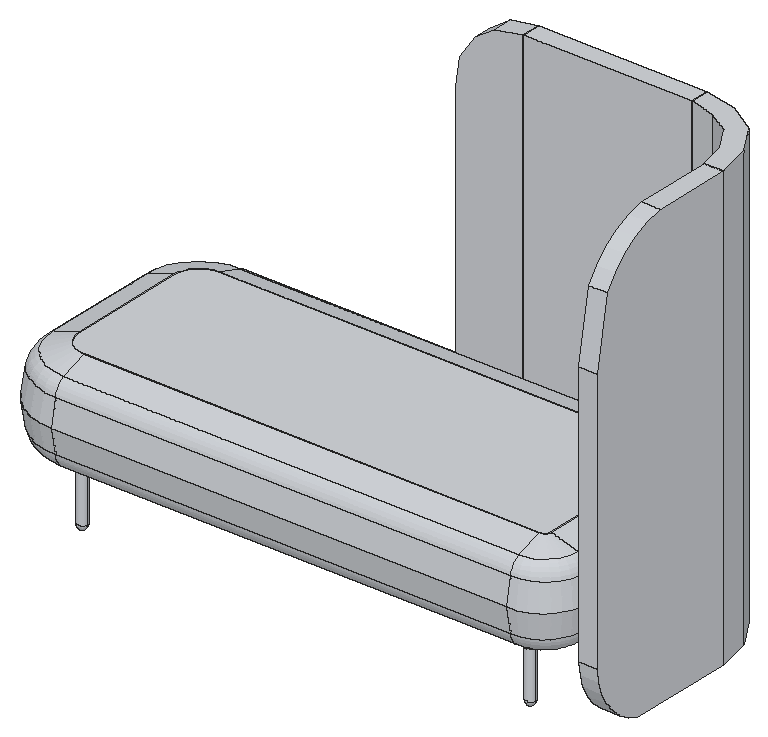
Revit family "Bernhardt-Design_Seating_ChapelleL_2-Seat_Right-Facing_Half-Wall", category Furniture, Revit 2013
Parameters (values of type "2 Seat Right Facing Half Wall")
  Model = "Chapelle"
  Mid Wall = 4' - 1.80644"
  Length = 5' - 5 3/4"
  Description = "Seating"
  Width = 2' - 4 1/4"
  URL = "http://bernhardtdesign.com/"
  Product Page URL = "http://www.bernhardtdesign.com/products/chapelle/index.html"
  Product Name = "Chapelle"
  Product Documentation Link = "http://www.bernhardtdesign.com/pdf/pricelists/sofas/Chapelle_PL.pdf"
  Manufacturer = "Bernhardt "  # constant formula
  Level Certification = ""
  Height = 3' - 11 3/8"
  GreenGuard Certification = ""
  Bernhardt Fabric = none
  Back Half Wall Measure = 1' - 5.7797"
  Back Half Wall = 1' - 5.7797"
Reference planes (in)
  plane 1 "Center (Front/Back)": y = 0
  plane 2 "Bottom": z = 0
  plane 3 "Center (Left/Right)": x = 0
  plane 4: x = -24.90322
  plane 5: x = 24.90322
  plane 6 "Total Height": z = 47.375
  plane 7 "Seat Height": z = 16.87819
  plane 8 "Base": z = 0.76323
  plane 9: y = -1.50846
  plane 10: y = -18.00846
  plane 11 "seat front edge": y = -20.50934
  plane 12: x = 7.12352
Forms (in)
  Extrusion 1, solid
    sketch origin (0, 0, 0) x (1, 0, 0) y (0, 1, 0)
      loop
        line (7.12352, 8.08149) -> (7.12352, 6.08149) -> (24.90322, 6.08149) -> (24.90322, 8.08149) -> (7.12352, 8.08149)
    from 0.76323 to 47.375
  Extrusion 2, solid
    sketch origin (0, 0, 0) x (1, 0, 0) y (0, 1, 0)
      loop
        line (24.90322, 8.08149) -> (24.90322, 6.03681) -> (27.54834, 5.47458) -> (30.03641, 3.8588) -> (31.64539, 1.38119) -> (32.2596, -1.50846) -> (34.30429, -1.50846) -> (33.52462, 2.15959) -> (31.48222, 5.30461) -> (28.32674, 7.3538) -> (24.90322, 8.08149)
    from 0.76323 to 47.375
  Extrusion 3, solid
    sketch origin (0, 0, 0) x (1, 0, 0) y (0, 1, 0)
      loop
        line (34.30429, -1.50846) -> (32.30429, -1.50846) -> (32.30429, -18.00846) -> (34.30429, -18.00846) -> (34.30429, -1.50846)
    from 0.76323 to 47.375
  Extrusion 4, void
    sketch origin (0, 0, 0) x (0, 1, 0) y (0, 0, 1)
      loop
        line (-9.75846, 47.375) -> (-9.75846, 53.875) -> (-24.50846, 53.875) -> (-18.00846, 29.97832)
        arc (-18.00846, 29.97832) -> (-17.92454, 36.30552) -> (-16.7009, 42.51385) r 34.94218
        arc (-16.7009, 42.51385) -> (-13.79438, 45.75091) -> (-9.75846, 47.375) r 9.61187
      loop
        line (-18.00846, 7.50157) -> (-23.08796, -4.465) -> (-12.78184, 0.76323)
        arc (-12.78184, 0.76323) -> (-16.52625, 3.25506) -> (-18.00846, 7.50157) r 7.06609
    from 0 to 44.91622
  Extrusion 5, solid
    sketch origin (0, 0, 0) x (1, 0, 0) y (0, 0, 1)
      loop
        line (7.12352, 47.375) -> (4.1691, 46.85406) -> (2.12122, 45.42011) -> (0.40049, 42.96266) -> (0, 39.91992) -> (0, 7.42903) -> (0.56436, 4.22841) -> (1.9983, 2.18053) -> (4.30063, 0.76323) -> (7.12352, 0.76323) -> (7.12352, 47.375)
    from -8.08149 to -6.08149
Cuts and joins
  Extrusion 4 cuts Extrusion 3
Lines and regions (in)
  symbolic lines
    curve 1: line (-21.30391, 5.8613, 0) -> (31.69609, 5.8613, 0)
    curve 2: line (0, 6.08149, 0) -> (7.12352, 6.08149, 0)
    curve 3: line (0, 8.08149, 0) -> (0, 6.08149, 0)
    curve 4: line (7.12352, 8.08149, 0) -> (0, 8.08149, 0)
    curve 5: line (7.12352, 6.08149, 0) -> (24.69301, 6.08149, 0)
    curve 6: line (24.90322, 8.08149, 0) -> (7.12352, 8.08149, 0)
    curve 7: line (24.69301, 6.08149, 0) -> (27.54834, 5.47458, 0)
    curve 8: line (28.32674, 7.3538, 0) -> (24.90322, 8.08149, 0)
    curve 9: line (31.48222, 5.30461, 0) -> (28.32674, 7.3538, 0)
    curve 10: line (27.54834, 5.47458, 0) -> (30.03641, 3.8588, 0)
    curve 11: line (30.03641, 3.8588, 0) -> (31.64539, 1.38119, 0)
    curve 12: line (33.52462, 2.15959, 0) -> (31.48222, 5.30461, 0)
    curve 13: line (34.30429, -1.50846, 0) -> (33.52462, 2.15959, 0)
    curve 14: line (31.64539, 1.38119, 0) -> (32.30429, -1.71867, 0)
    curve 15: line (32.30429, -1.71867, 0) -> (32.30429, -18.00846, 0)
    curve 16: line (34.30429, -18.00846, 0) -> (34.30429, -1.50846, 0)
    curve 17: line (32.30429, -18.00846, 0) -> (34.30429, -18.00846, 0)
    curve 18: arc (26.69609, -20.54173, 0) -> (30.23162, -19.07726, 0) -> (31.69609, -15.54173, 0) r 5
    curve 19: arc (31.69609, -1.1387, 0) -> (29.64583, 3.81105, 0) -> (24.69609, 5.8613, 0) r 7
    curve 20: arc (-21.30391, 5.8613, 0) -> (-26.25366, 3.81105, 0) -> (-28.30391, -1.1387, 0) r 7
    curve 21: arc (-28.30391, -13.54173, 0) -> (-26.25366, -18.49148, 0) -> (-21.30391, -20.54173, 0) r 7
    curve 22: line (-28.30391, -1.1387, 0) -> (-28.30391, -13.54173, 0)
    curve 23: line (-21.30391, -20.54173, 0) -> (26.69609, -20.54173, 0)
    curve 24: line (31.69609, -15.54173, 0) -> (31.69609, -1.1387, 0)
Dimensions and locks (in)
  "Height": plane 6 "Total Height" to level
  Extrusion 3 to plane 1 "Center (Front/Back)" = 0' - 1.50846"
  "Back Half Wall": plane 12 to plane 5
  locked: plane 3 "Center (Left/Right)" to nested 1 at 31.69609
  aligned and locked: plane 2 "Bottom" to level
  aligned and locked: Extrusion 1 sketch curve to plane 5
  aligned and locked: Extrusion 1 to plane 8 "Base"
  aligned and locked: plane 6 "Total Height" to Extrusion 1
  aligned and locked: plane 6 "Total Height" to Extrusion 2
  aligned and locked: Extrusion 2 to plane 8 "Base"
  aligned and locked: Extrusion 1 to Extrusion 3
  aligned and locked: Extrusion 3 to plane 8 "Base"
  aligned and locked: plane 6 "Total Height" to Extrusion 3
  aligned and locked: Extrusion 2 to Extrusion 1  (x2)
  aligned and locked: Extrusion 3 to Extrusion 2
  aligned and locked: Extrusion 5 sketch curve to plane 12
  aligned and locked: Extrusion 1 to Extrusion 5
  aligned and locked: Extrusion 5 to Extrusion 1
Automatic sketch dimensions
  Extrusion 2 sketch curve to plane 5 = 0' - 0"
  Extrusion 2 sketch curve to plane 1 "Center (Front/Back)" = 0' - 1.38119"
  plane 5 to Extrusion 2 sketch curve = 0' - 2.64512"
  Extrusion 2 sketch curve to Extrusion 2 sketch curve = 0' - 0.7784"
  Extrusion 2 sketch curve to Extrusion 2 sketch curve = 0' - 2.48808"
  Extrusion 2 sketch curve to Extrusion 2 sketch curve = 0' - 1.44581"  (x2)
  Extrusion 2 sketch curve to Extrusion 2 sketch curve = 0' - 1.60898"
  Extrusion 2 sketch curve to plane 1 "Center (Front/Back)" = 0' - 2.15959"
  Extrusion 2 sketch curve to Extrusion 2 sketch curve = 0' - 1.87923"  (x2)
  Extrusion 2 sketch curve to Extrusion 2 sketch curve = 0' - 0.61421"
  Extrusion 2 sketch curve to Extrusion 2 sketch curve = 0' - 2.04468"  (x2)
  plane 1 "Center (Front/Back)" to Extrusion 2 sketch curve = 0' - 1.50846"
  Extrusion 2 sketch curve to Extrusion 2 sketch curve = 0' - 2.47761"
  Extrusion 2 sketch curve to Extrusion 2 sketch curve = 0' - 1.61577"
  Extrusion 2 sketch curve to Extrusion 2 sketch curve = 0' - 0.72769"
  plane 5 to Extrusion 3 sketch curve = 0' - 7.40106"
  plane 1 "Center (Front/Back)" to Extrusion 3 sketch curve = 1' - 6.00846"
  Extrusion 3 sketch curve to Extrusion 3 sketch curve = 0' - 2"
  plane 1 "Center (Front/Back)" to Extrusion 3 sketch curve = 0' - 1.50846"
  Extrusion 4 sketch curve to plane 8 "Base" = 0' - 0"
  Extrusion 4 sketch curve to plane 6 "Total Height" = 0' - 0"
  plane 6 "Total Height" to Extrusion 4 sketch curve = 0' - 6 1/2"
  plane 1 "Center (Front/Back)" to Extrusion 4 sketch curve = 2' - 0.50846"
  Extrusion 4 sketch curve to level = 0' - 4.465"
  plane 1 "Center (Front/Back)" to Extrusion 4 sketch curve = 1' - 11.08796"
  plane 7 "Seat Height" to Extrusion 4 sketch curve = 1' - 1.10012"
  plane 1 "Center (Front/Back)" to Extrusion 4 sketch curve = 1' - 6.00846"
  plane 8 "Base" to Extrusion 4 sketch curve = 0' - 6.73834"
  Extrusion 4 sketch curve to Extrusion 4 sketch curve = 0' - 5.0795"
  Extrusion 4 sketch curve to Extrusion 4 sketch curve = 0' - 5.22662"
  plane 1 "Center (Front/Back)" to Extrusion 4 sketch curve = 0' - 9.75846"
  Extrusion 4 sketch curve to plane 6 "Total Height" = 0' - 4.86115"
  Extrusion 4 sketch curve to Extrusion 4 sketch curve = 0' - 6.94244"
  plane 8 "Base" to Extrusion 4 sketch curve = 0' - 6.8226"
  plane 1 "Center (Front/Back)" to Extrusion 4 sketch curve = 0' - 8 9/32"
  Extrusion 4 sketch curve to plane 6 "Total Height" = 1' - 2.69456"
  Extrusion 1 sketch curve to plane 1 "Center (Front/Back)" = 0' - 6.08149"
  Extrusion 1 sketch curve to Extrusion 1 sketch curve = 0' - 2"
  Extrusion 1 sketch curve to plane 12 = 0' - 0"
  Extrusion 5 sketch curve to plane 3 "Center (Left/Right)" = 0' - 0"
  Extrusion 5 sketch curve to plane 8 "Base" = 0' - 0"
  Extrusion 5 sketch curve to plane 6 "Total Height" = 0' - 0"
  plane 8 "Base" to Extrusion 5 sketch curve = 0' - 1.4173"
  plane 3 "Center (Left/Right)" to Extrusion 5 sketch curve = 0' - 0.40049"
  plane 3 "Center (Left/Right)" to Extrusion 5 sketch curve = 0' - 0.56436"
  plane 3 "Center (Left/Right)" to Extrusion 5 sketch curve = 0' - 1.9983"
  plane 3 "Center (Left/Right)" to Extrusion 5 sketch curve = 0' - 2.12122"
  Extrusion 5 sketch curve to plane 6 "Total Height" = 0' - 0.52094"
  Extrusion 5 sketch curve to Extrusion 5 sketch curve = 0' - 2.04788"  (x2)
  Extrusion 5 sketch curve to Extrusion 5 sketch curve = 0' - 2.30234"
  Extrusion 5 sketch curve to Extrusion 5 sketch curve = 0' - 3.20063"
  Extrusion 5 sketch curve to plane 6 "Total Height" = 0' - 7.45508"
  Extrusion 5 sketch curve to Extrusion 5 sketch curve = 0' - 3.04274"
  Extrusion 5 sketch curve to plane 6 "Total Height" = 0' - 1.95489"
  curve 3 to plane 3 "Center (Left/Right)" = 0' - 0"
  curve 4 to plane 12 = 0' - 0"
  curve 5 to plane 12 = 0' - 0"
  curve 6 to plane 5 = 0' - 0"
  plane 10 to curve 15 = 0' - 0"
  plane 9 to curve 13 = 0' - 0"
  curve 23 to plane 11 "seat front edge" = 0' - 0.03239"
  curve 23 to plane 4 = 0' - 3.59931"
  curve 22 to plane 9 = 0' - 0.36976"
  plane 4 to curve 22 = 0' - 3.40069"
  curve 7 to plane 5 = 0' - 0.21021"
  plane 5 to curve 23 = 0' - 1.79287"
  plane 5 to curve 10 = 0' - 2.64512"
  curve 7 to curve 9 = 0' - 0.7784"
  curve 7 to curve 10 = 0' - 2.48808"
  curve 10 to curve 12 = 0' - 1.44581"
  curve 14 to plane 1 "Center (Front/Back)" = 0' - 1.38119"
  curve 10 to curve 14 = 0' - 1.60898"
  curve 24 to plane 9 = 0' - 0.36976"
  curve 11 to curve 24 = 0' - 0.0507"
  plane 9 to curve 15 = 0' - 0.21021"
  curve 24 to curve 15 = 0' - 0.6082"
  curve 12 to plane 1 "Center (Front/Back)" = 0' - 2.15959"
  curve 11 to curve 12 = 0' - 1.87923"
  curve 14 to curve 13 = 0' - 2"
  curve 19 to plane 5 = 0' - 0.20713"
  curve 9 to curve 1 = 0' - 0.21387"
  curve 10 to curve 1 = 0' - 2.0025"
  curve 12 to curve 1 = 0' - 0.5567"
  curve 7 to curve 19 = 0' - 0 99/256"
  curve 2 to plane 1 "Center (Front/Back)" = 0' - 6.08149"
  curve 7 to curve 8 = 0' - 1.87923"
  curve 2 to curve 4 = 0' - 2"
Nested families (in)
  nested 1: "Bernhardt-Design_Seating_ChapelleL_2-Seat_Bench" at (1.28801, 11.08005, 0), type "2 seater bench"
Definition of nested family "Bernhardt-Design_Seating_ChapelleL_2-Seat_Bench"
  Parameters (values of type "2 seater bench")
    Width = 2' - 2 1/2"
    Model = "Chapelle 2 Seat Bench"
    Manufacturer = "Bernhardt"
    Length = 5' - 0"
    Height = 1' - 6"
    Description = "Seating"
    Bernhardt Fabrics = Fabric-Bernhardt-White
  Reference planes (in)
    plane 1: z = 0
    plane 2: z = 47.125
    plane 3: y = -5.21875
    plane 4: x = 30.40807
    plane 5 "mid seat": z = 11.85004
    plane 6 "op seat": z = 16.98912
    plane 7: x = -23.22633
    plane 8: x = 24.04248
    plane 9: x = 0.40807
    plane 10 "front edge of bench": y = -31.62178
    plane 11 "Bench center": y = -18.53536
    plane 12 "le plane": y = -26.79581
    plane 13: x = -29.59193
  Forms (in)
    Revolve 1, solid
      sketch origin (0, -26.79581, 0) x (0, 0, -1) y (1, 0, 0)
        loop
          line (-6.88986, -23.22633) -> (0, -23.22633)
          arc (0, -23.22633) -> (-0.20612, -22.84815) -> (-0.60963, -22.69754) r 0.6158
          line (-0.60963, -22.69754) -> (-5.60963, -22.69754)
          arc (-5.60963, -22.69754) -> (-6.34307, -22.4291) -> (-6.71097, -21.74015) r 1.0948
          line (-6.71097, -21.74015) -> (-6.83424, -21.74015) -> (-6.88986, -21.94772) -> (-6.88986, -23.22633)
        axis (-6.88986, -23.22633) -> (0, -23.22633)
      angle from 0 to 360
    Revolve 2, solid
      sketch origin (0, -10.2749, 0) x (0, 0, -1) y (-1, 0, 0)
        loop
          line (-6.88986, 23.22633) -> (-6.88986, 21.94772) -> (-6.83424, 21.74015) -> (-6.71097, 21.74015)
          arc (-6.71097, 21.74015) -> (-6.34307, 22.4291) -> (-5.60963, 22.69754) r 1.0948
          line (-5.60963, 22.69754) -> (-0.60963, 22.69754)
          arc (-0.60963, 22.69754) -> (-0.20612, 22.84815) -> (0, 23.22633) r 0.6158
          line (0, 23.22633) -> (-6.88986, 23.22633)
        axis (-6.88986, 23.22633) -> (0, 23.22633)
      angle from 0 to 360
    Revolve 3, solid
      sketch origin (-3.18385, -26.79581, 0) x (0, 0, -1) y (-1, 0, 0)
        loop
          line (-6.88986, -27.22633) -> (0, -27.22633)
          arc (0, -27.22633) -> (-0.20612, -26.84815) -> (-0.60963, -26.69754) r 0.6158
          line (-0.60963, -26.69754) -> (-5.60963, -26.69754)
          arc (-5.60963, -26.69754) -> (-6.34307, -26.4291) -> (-6.71097, -25.74015) r 1.0948
          line (-6.71097, -25.74015) -> (-6.83424, -25.74015) -> (-6.88986, -25.94772) -> (-6.88986, -27.22633)
        axis (-6.88986, -27.22633) -> (0, -27.22633)
      angle from 0 to 360
    Revolve 4, solid
      sketch origin (-3.18385, -10.2749, 0) x (0, 0, -1) y (-1, 0, 0)
        loop
          line (-6.88986, -27.22633) -> (0, -27.22633)
          arc (0, -27.22633) -> (-0.20612, -26.84815) -> (-0.60963, -26.69754) r 0.6158
          line (-0.60963, -26.69754) -> (-5.60963, -26.69754)
          arc (-5.60963, -26.69754) -> (-6.34307, -26.4291) -> (-6.71097, -25.74015) r 1.0948
          line (-6.71097, -25.74015) -> (-6.83424, -25.74015) -> (-6.88986, -25.94772) -> (-6.88986, -27.22633)
        axis (-6.88986, -27.22633) -> (0, -27.22633)
      angle from 0 to 360
    Sweep 5, solid
      path origin (0, 0, 6.71097) x (0, 1, 0) y (-1, 0, 0)
        loop
          arc (-5.21875, 22.59193) -> (-7.269, 27.54167) -> (-12.21875, 29.59193) r 7
          line (-12.21875, 29.59193) -> (-24.62178, 29.59193)
          arc (-24.62178, 29.59193) -> (-29.57153, 27.54167) -> (-31.62178, 22.59193) r 7
          line (-31.62178, 22.59193) -> (-31.62178, -25.40807)
          arc (-31.62178, -25.40807) -> (-30.15732, -28.94361) -> (-26.62178, -30.40807) r 5
          line (-26.62178, -30.40807) -> (-12.21875, -30.40807)
          arc (-12.21875, -30.40807) -> (-7.269, -28.35782) -> (-5.21875, -23.40807) r 7
          line (-5.21875, -23.40807) -> (-5.21875, 22.59193)
      profile origin (0.40807, -5.21875, 6.71097) x (0, 1, 0) y (0, 0, 1)
        loop
          line (0, 5.13907) -> (-4.32844, 5.13907) -> (-4.32844, 0) -> (-1.55892, 0.88647)
          arc (-1.55892, 0.88647) -> (-0.84704, 1.53879) -> (-0.47753, 2.43085) r 2.23055
          line (-0.47753, 2.43085) -> (0, 5.13907)
    Sweep 6, solid
      path origin (0, 0, 16.98912) x (-1, 0, 0) y (0, -1, 0)
        loop
          arc (22.59193, 5.21875) -> (27.54167, 7.269) -> (29.59193, 12.21875) r 7
          line (29.59193, 12.21875) -> (29.59193, 24.62178)
          arc (29.59193, 24.62178) -> (27.54167, 29.57153) -> (22.59193, 31.62178) r 7
          line (22.59193, 31.62178) -> (-25.40807, 31.62178)
          arc (-25.40807, 31.62178) -> (-28.94361, 30.15732) -> (-30.40807, 26.62178) r 5
          line (-30.40807, 26.62178) -> (-30.40807, 12.21875)
          arc (-30.40807, 12.21875) -> (-28.35782, 7.269) -> (-23.40807, 5.21875) r 7
          line (-23.40807, 5.21875) -> (22.59193, 5.21875)
      profile origin (0.40807, -5.21875, 16.98912) x (0, 1, 0) y (0, 0, 1)
        loop
          line (0, -5.13907) -> (-0.47753, -2.43085)
          arc (-0.47753, -2.43085) -> (-0.84704, -1.53879) -> (-1.55892, -0.88647) r 2.23055
          line (-1.55892, -0.88647) -> (-4.32844, 0) -> (-4.32844, -5.13907) -> (0, -5.13907)
    Extrusion 7, solid
      sketch origin (0, 0, 16.98912) x (-1, 0, 0) y (0, -1, 0)
        loop
          arc (22.59193, 9.54719) -> (24.481, 10.32967) -> (25.26348, 12.21875) r 2.67156
          line (25.26348, 12.21875) -> (25.26348, 24.62178)
          arc (25.26348, 24.62178) -> (24.481, 26.51086) -> (22.59193, 27.29334) r 2.67156
          line (22.59193, 27.29334) -> (-25.40807, 27.29334)
          arc (-25.40807, 27.29334) -> (-25.88294, 27.09664) -> (-26.07963, 26.62178) r 0.67156
          line (-26.07963, 26.62178) -> (-26.07963, 12.21875)
          arc (-26.07963, 12.21875) -> (-25.29715, 10.32967) -> (-23.40807, 9.54719) r 2.67156
          line (-23.40807, 9.54719) -> (22.59193, 9.54719)
      from 0 to -5.13907
  Lines and regions (in)
    symbolic lines
      curve 1: line (23.40807, -5.21875, 16.98912) -> (-22.59193, -5.21875, 16.98912)
      curve 2: arc (-22.59193, -5.21875, 16.98912) -> (-27.54167, -7.269, 16.98912) -> (-29.59193, -12.21875, 16.98912) r 7
      curve 3: line (-29.59193, -12.21875, 16.98912) -> (-29.59193, -24.62178, 16.98912)
      curve 4: arc (-29.59193, -24.62178, 16.98912) -> (-27.54167, -29.57153, 16.98912) -> (-22.59193, -31.62178, 16.98912) r 7
      curve 5: line (-22.59193, -31.62178, 16.98912) -> (25.40807, -31.62178, 16.98912)
      curve 6: arc (25.40807, -31.62178, 16.98912) -> (28.94361, -30.15732, 16.98912) -> (30.40807, -26.62178, 16.98912) r 5
      curve 7: line (30.40807, -26.62178, 16.98912) -> (30.40807, -12.21875, 16.98912)
      curve 8: arc (30.40807, -12.21875, 16.98912) -> (28.35782, -7.269, 16.98912) -> (23.40807, -5.21875, 16.98912) r 7
      curve 9: line (23.40807, -5.21875, 16.98912) -> (-22.59193, -5.21875, 16.98912)
  Dimensions and locks (in)
    locked: plane 2 to level at 47.125
    plane 7 to plane 8 = 3' - 11.2688"
    equal spacing: plane 7, plane 9, plane 8
    "Length": plane 13 to plane 4
    equal spacing: plane 13, plane 9, plane 4
    aligned and locked: level to plane 1
    aligned and locked: Revolve 1 sketch curve to plane 7
    aligned and locked: Revolve 1 sketch curve to Revolve 1 sketch curve
    aligned and locked: Revolve 2 sketch curve to Revolve 2 sketch curve
    aligned and locked: Revolve 3 sketch curve to Revolve 3 sketch curve
    aligned and locked: Revolve 4 sketch curve to Revolve 4 sketch curve
    aligned and locked: Extrusion 7 to plane 5 "mid seat"
    aligned and locked: plane 6 "op seat" to Extrusion 7
  Automatic sketch dimensions
    Revolve 1 sketch curve to level = 0' - 0"  (x2)
    plane 7 to Revolve 1 sketch curve = 0' - 0.52879"
    level to Revolve 1 sketch curve = 0' - 0.60963"
    Revolve 1 sketch curve to Revolve 1 sketch curve = 0' - 5"
    Revolve 1 sketch curve to Revolve 1 sketch curve = 0' - 1.10134"
    plane 7 to Revolve 1 sketch curve = 0' - 1.48617"
    Revolve 1 sketch curve to Revolve 1 sketch curve = 0' - 0.12327"
    Revolve 1 sketch curve to Revolve 1 sketch curve = 0' - 1.28023"
    Revolve 1 sketch curve to Revolve 1 sketch curve = 0' - 0"
    Revolve 1 sketch curve to Revolve 1 sketch curve = 0' - 0.01519"
    Revolve 1 sketch curve to Revolve 1 sketch curve = 0' - 0.20756"
    Revolve 2 sketch curve to plane 7 = 0' - 0"
    Revolve 2 sketch curve to level = 0' - 0"  (x2)
    plane 7 to Revolve 2 sketch curve = 0' - 1.48617"
    level to Revolve 2 sketch curve = 0' - 0.60963"
    plane 7 to Revolve 2 sketch curve = 0' - 0.52879"
    Revolve 2 sketch curve to Revolve 2 sketch curve = 0' - 5"
    Revolve 2 sketch curve to Revolve 2 sketch curve = 0' - 1.10134"
    Revolve 2 sketch curve to Revolve 2 sketch curve = 0' - 0.12327"
    Revolve 2 sketch curve to Revolve 2 sketch curve = 0' - 1.28023"
    Revolve 2 sketch curve to Revolve 2 sketch curve = 0' - 0"
    Revolve 2 sketch curve to Revolve 2 sketch curve = 0' - 1.08616"
    Revolve 2 sketch curve to Revolve 2 sketch curve = 0' - 0.20756"
    plane 8 to Revolve 3 sketch curve = 0' - 0"
    Revolve 3 sketch curve to level = 0' - 0"  (x2)
    Revolve 3 sketch curve to plane 8 = 0' - 0.52879"
    Revolve 3 sketch curve to level = 0' - 0.60963"
    Revolve 3 sketch curve to Revolve 3 sketch curve = 0' - 5"
    Revolve 3 sketch curve to Revolve 3 sketch curve = 0' - 1.10134"
    Revolve 3 sketch curve to plane 8 = 0' - 1.48617"
    Revolve 3 sketch curve to Revolve 3 sketch curve = 0' - 0.12327"
    Revolve 3 sketch curve to Revolve 3 sketch curve = 0' - 1.28023"
    Revolve 3 sketch curve to Revolve 3 sketch curve = 0' - 0"
    Revolve 3 sketch curve to Revolve 3 sketch curve = 0' - 0.01519"
    Revolve 3 sketch curve to Revolve 3 sketch curve = 0' - 0.20756"
    plane 8 to Revolve 4 sketch curve = 0' - 0"
    Revolve 4 sketch curve to level = 0' - 0"  (x2)
    plane 8 to Revolve 4 sketch curve = 0' - 0.52879"
    level to Revolve 4 sketch curve = 0' - 0.60963"
    Revolve 4 sketch curve to Revolve 4 sketch curve = 0' - 5"
    Revolve 4 sketch curve to Revolve 4 sketch curve = 0' - 1.10134"
    plane 8 to Revolve 4 sketch curve = 0' - 1.48617"
    Revolve 4 sketch curve to Revolve 4 sketch curve = 0' - 0.12327"
    Revolve 4 sketch curve to Revolve 4 sketch curve = 0' - 1.28023"
    Revolve 4 sketch curve to Revolve 4 sketch curve = 0' - 0"
    Revolve 4 sketch curve to Revolve 4 sketch curve = 0' - 1.08616"
    Revolve 4 sketch curve to Revolve 4 sketch curve = 0' - 0.20756"
    Sweep 5 sketch curve to plane 10 "front edge of bench" = 0' - 0"
    Sweep 5 sketch curve to plane 4 = 0' - 0"
    Sweep 5 sketch curve to plane 13 = 0' - 0"
    plane 3 to Sweep 5 sketch curve = 0' - 0"
    Sweep 5 sketch curve to plane 8 = 0' - 1.3656"
    Sweep 5 sketch curve to plane 12 "le plane" = 0' - 2.17403"
    plane 11 "Bench center" to Sweep 5 sketch curve = 0' - 6.31661"  (x2)
    Sweep 5 sketch curve to profile plane = 0' - 0"  (x2)
    profile plane to Sweep 5 sketch curve = 0' - 0.88647"
    profile plane to Sweep 5 sketch curve = 0' - 0.47753"
    profile plane to Sweep 5 sketch curve = 0' - 1.55892"
    Sweep 5 sketch curve to Sweep 5 sketch curve = 0' - 2 197/256"
    Sweep 5 sketch curve to Sweep 5 sketch curve = 0' - 2.19666"
    Sweep 5 sketch curve to Sweep 5 sketch curve = 0' - 1.54438"
    Sweep 5 sketch curve to Sweep 5 sketch curve = 0' - 2.70822"
    Sweep 6 sketch curve to plane 4 = 0' - 0"
    Sweep 6 sketch curve to plane 10 "front edge of bench" = 0' - 0"
    plane 3 to Sweep 6 sketch curve = 0' - 0"
    Sweep 6 sketch curve to plane 13 = 0' - 0"
    plane 11 "Bench center" to Sweep 6 sketch curve = 0' - 6.31661"
    Sweep 6 sketch curve to plane 8 = 0' - 1.3656"
    plane 7 to Sweep 6 sketch curve = 0' - 0.6344"  (x2)
    Sweep 6 sketch curve to profile plane = 0' - 0"  (x2)
    Sweep 6 sketch curve to profile plane = 0' - 5.13907"
    profile plane to Sweep 6 sketch curve = 0' - 0.47753"
    profile plane to Sweep 6 sketch curve = 0' - 1.55892"
    Sweep 6 sketch curve to Sweep 6 sketch curve = 0' - 2 197/256"
    Sweep 6 sketch curve to Sweep 6 sketch curve = 0' - 1.11527"
    Sweep 6 sketch curve to profile plane = 0' - 2.43085"
    Sweep 6 sketch curve to profile plane = 0' - 0.88647"
    plane 7 to Extrusion 7 sketch curve = 0' - 0.6344"  (x2)
    plane 3 to Extrusion 7 sketch curve = 0' - 4.32844"
    plane 8 to Extrusion 7 sketch curve = 0' - 0.6344"
    Extrusion 7 sketch curve to plane 7 = 0' - 2.03716"
    Extrusion 7 sketch curve to plane 12 "le plane" = 0' - 2.17403"
    Extrusion 7 sketch curve to plane 8 = 0' - 1.3656"
    Extrusion 7 sketch curve to plane 12 "le plane" = 0' - 0.17403"
    plane 3 to curve 1 = 0' - 0"
    plane 7 to curve 1 = 0' - 0.6344"
    curve 2 to plane 13 = 0' - 0"
    plane 8 to curve 1 = 0' - 0.6344"
    curve 3 to plane 12 "le plane" = 0' - 2.17403"
    curve 4 to plane 10 "front edge of bench" = 0' - 0"
    curve 5 to plane 8 = 0' - 1.3656"
    curve 6 to plane 4 = 0' - 0"
